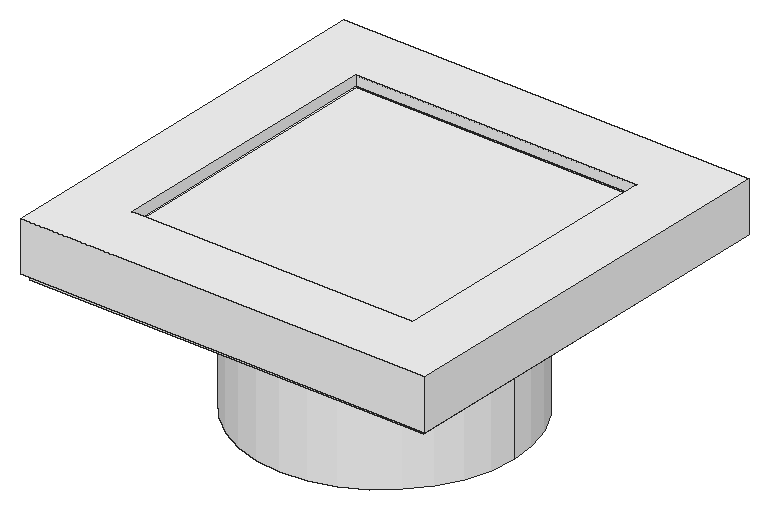
Revit family "Gira_2282600", category Electrical Fixtures, host Face, Revit 2017
Family settings
  Host = Face
  Maintain Annotation Orientation = Yes
  Round Connector Dimension = Use Diameter
  Part Type = Normal
  Cut with Voids When Loaded = No
  Shared = No
  Room Calculation Point = No
Parameters (values of type "Lautsprecher UP-Radio RDS System 55 Edelstahl")
  Zusammenstellung = "Basiselement mit Gehäuse-Oberteil"
  White [instance] = White
  Werkstoffgüte = "sonstige"
  Werkstoff = "sonstige"
  URL = "http://katalog.gira.de/de_DE/datenblatt.html?artikelnr=2282600"
  Region = "DE"
  Oberfläche = "sonstige"
  Name = "Lautsprecher UP-Radio RDS System 55 Edelstahl"
  Montageart = "unter Putz"
  Model = "Sys55_Komplettgerät_Schalten und Tasten"
  Manufacturer URL = "https://www.gira.de/"
  HeinzeBIM = "https://bimportal.heinze.de/bim/lautsprecher-up-radio-rds-system-55-edelstahl/abe07c2d12d35db76f6b69c08bc2932a9b44d121"
  Halogenfrei = "Yes"
  HAN = "2282600"
  GTIN = "4010337032861"
  Farbe = "edelstahl"
  Default Elevation = 1219.2 mm
  Data sheet (1) = "https://katalog.gira.de/de_DE/download.html?artikelnr=2282600"
  Category = "Elektronik-Gerät für Installationsschalterprogramme"
  Befestigungsart = "Krallen-/Schraubbefestigung"
  Available = "Yes"
  Ausführung der Oberfläche = "glänzend"
  Ausführung = "Radio (*en-EN)"
Reference planes
  plane 1 "Center (Front/Back)": y = 0
  plane 2: z = 0
  plane 3 "Center (Left/Right)": x = 0
Forms (mm)
  Extrusion 1, solid, material "White" <- "White", detail levels medium
    sketch origin (0, 0, 0) x (1, 0, 0) y (0, 1, 0)
      loop
        line (-40.4, 40.4) -> (-40.4, -40.4) -> (40.4, -40.4) -> (40.4, 40.4) -> (-40.4, 40.4)
      loop
        line (-28, 28) -> (-28, -28) -> (28, -28) -> (28, 28) -> (-28, 28)
    from 0 to 10
  Extrusion 2, solid, material "White" <- "White", detail levels fine
    sketch origin (0, 0, 0) x (1, 0, 0) y (0, 1, 0)
      loop
        line (-40.4, 40.4) -> (-40.4, -40.4) -> (40.4, -40.4) -> (40.4, 40.4) -> (-40.4, 40.4)
      loop
        line (-28, 28) -> (-28, -28) -> (28, -28) -> (28, 28) -> (-28, 28)
    from 0 to 10
  Extrusion 3, void
    sketch origin (0, 0, 0) x (1, 0, 0) y (0, 1, 0)
      loop
        line (-38.4, 38.4) -> (-38.4, -38.4) -> (38.4, -38.4) -> (38.4, 38.4) -> (-38.4, 38.4)
    from 0 to 8
  Extrusion 4, solid, material "White" <- "White", detail levels medium+fine
    sketch origin (0, 0, 0) x (1, 0, 0) y (0, 1, 0)
      loop
        line (-39.4, 39.4) -> (-39.4, -39.4) -> (39.4, -39.4) -> (39.4, 39.4) -> (-39.4, 39.4)
    from 0 to -1
  Extrusion 5, solid, material "White" <- "White", detail levels medium+fine
    sketch origin (0, 0, 0) x (1, 0, 0) y (0, 1, 0)
      loop
        line (-35.5, 35.5) -> (-35.5, -35.5) -> (35.5, -35.5) -> (35.5, 35.5) -> (-35.5, 35.5)
    from -2 to -3
  Extrusion 6, solid, material "White" <- "White", detail levels medium+fine
    sketch origin (0, 0, 0) x (1, 0, 0) y (0, 1, 0)
      loop
        circle (0, 0) r 26
    from 0 to -27.5
  Extrusion 7, solid, material "White" <- "White", detail levels coarse
    sketch origin (0, 0, 0) x (1, 0, 0) y (0, 1, 0)
      loop
        line (-40.4, 40.4) -> (-40.4, -40.4) -> (40.4, -40.4) -> (40.4, 40.4) -> (-40.4, 40.4)
    from -27.5 to 10
Cuts and joins
  Extrusion 3 cuts Extrusion 2
Dimensions and locks
  aligned and locked: plane 2 to host face
  aligned and locked: level to host face
  aligned and locked: plane 3 "Center (Left/Right)" to nested 2
  aligned and locked: plane 1 "Center (Front/Back)" to nested 2
Nested families
  nested 1: "Sys55_Abdeckung_Schalten und Tasten_floor_base" at (0, 0, 0), type "Sys55_Abdeckung_Schalten und Tasten_floor_base"
  nested 2: "Schalter" at (0, 0, 0), type "Schalter"
Connectors
  electrical at (0, 0, -27.5)
    settings: on Extrusion 6, index 1, voltage 220 V, apparent load 0 VA, apparent load phase1 0 VA, apparent load phase2 0 VA, apparent load phase3 0 VA, power factor 1, load classification "Other", number of poles 1, system type 30, power factor state 1, is connector primary yes, connector utility no, sub classification motor no, connector description ""
Definition of nested family "Sys55_Abdeckung_Schalten und Tasten_floor_base"
  Parameters
    Default Elevation = 1219.2 mm
    White [instance] = none
  Reference planes
    plane 1 "Center (Front/Back)": y = 0
    plane 2: z = 0
    plane 3 "Center (Left/Right)": x = 0
  Forms (mm)
    Extrusion 1, solid
      sketch origin (0, 0, 0) x (1, 0, 0) y (0, 1, 0)
        loop
          line (-1219.2, 1219.2) -> (-1219.2, -1219.2) -> (1219.2, -1219.2) -> (1219.2, 1219.2) -> (-1219.2, 1219.2)
      from 0 to -304.8
    Extrusion 2, solid, material <- "White", detail levels fine
      sketch origin (0, 0, 0) x (1, 0, 0) y (0, 1, 0)
        loop
          line (-27.5, 27.5) -> (-27.5, -27.5) -> (27.5, -27.5) -> (27.5, 27.5) -> (-27.5, 27.5)
      from 0 to 8
    Extrusion 3, void
      sketch origin (0, 0, 0) x (1, 0, 0) y (0, 1, 0)
        loop
          line (26, 26) -> (-26, 26) -> (-26, -26) -> (26, -26) -> (26, 26)
      from 0 to 6
    Extrusion 4, solid, material <- "White", detail levels medium
      sketch origin (0, 0, 0) x (1, 0, 0) y (0, 1, 0)
        loop
          line (-27.5, 27.5) -> (-27.5, -27.5) -> (27.5, -27.5) -> (27.5, 27.5) -> (-27.5, 27.5)
      from 0 to 8
    Extrusion 5, solid, material <- "White", detail levels medium
      sketch origin (0, 0, 0) x (1, 0, 0) y (0, 1, 0)
        loop
          line (11, -17.5) -> (11, 17.5) -> (-11, 17.5) -> (-11, -17.5) -> (11, -17.5)
      from -6 to 6
    Extrusion 6, solid, material <- "White", detail levels fine
      sketch origin (0, 0, 0) x (1, 0, 0) y (0, 1, 0)
        loop
          line (11, 17.5) -> (-11, 17.5) -> (-11, 16.5) -> (11, 16.5) -> (11, 17.5)
        loop
          line (-11, -16.5) -> (-11, -17.5) -> (11, -17.5) -> (11, -16.5) -> (-11, -16.5)
      from -4 to 6
    Extrusion 7, solid, material <- "White", detail levels fine
      sketch origin (0, 0, 0) x (1, 0, 0) y (0, 1, 0)
        loop
          arc (5, 9.347) -> (0, 10.6) -> (-5, 9.347) r 10.6
          line (-5, 9.347) -> (-5, -9.347)
          arc (-5, -9.347) -> (0, -10.6) -> (5, -9.347) r 10.6
          line (5, -9.347) -> (5, 9.347)
      from -6 to 6
    Extrusion 8, solid, material <- "White", detail levels coarse
      sketch origin (0, 0, 0) x (1, 0, 0) y (0, 1, 0)
        loop
          line (-27.5, 27.5) -> (-27.5, -27.5) -> (27.5, -27.5) -> (27.5, 27.5) -> (-27.5, 27.5)
      from -6 to 8
  Cuts and joins
    Extrusion 3 cuts Extrusion 2
  Dimensions and locks
    aligned and locked: plane 2 to Extrusion 1
    aligned and locked: level to Extrusion 1
Definition of nested family "Schalter"
  Reference planes
    plane 1: y = 0
    plane 2: x = 0
  Lines and regions (mm)
    detail lines
      curve 1: circle (1.375, 2.778, 0) r 0.8 normal (0, 0, 1)
      curve 2: line (1.021, 2.061, 0) -> (0, 0, 0)
      curve 3: line (0, 0, 0) -> (-0.538, 0.266, 0)
  Dimensions and locks
    curve 2 to curve 2 = 2.3 mm
    curve 3 to curve 2 = 0.6 mm
    radius of curve 1 = 0.8 mm
